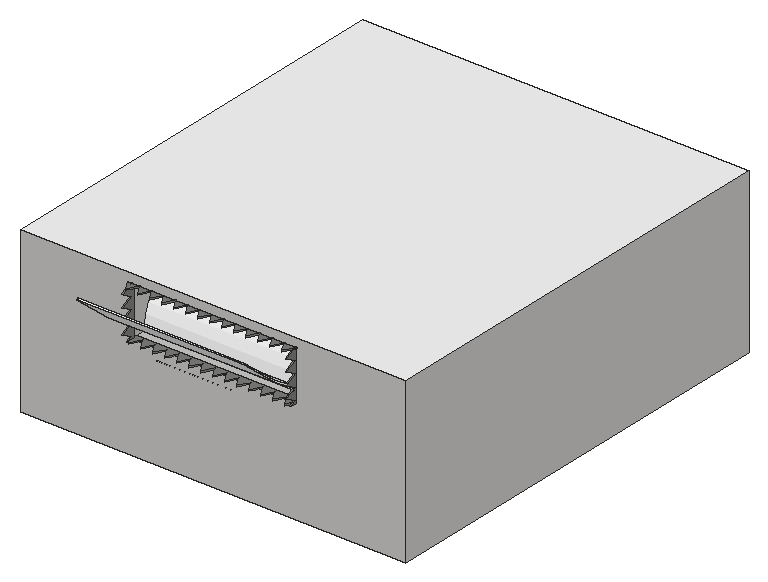
Revit family "Toilet_Roll_Holder-Jumbo-Bobrick-Fino-B-9890", category Specialty Equipment, host Face, Revit 2018
Family settings
  Host = Face
  Round Connector Dimension = Use Diameter
  Part Type = Normal
  OmniClass Number = 23.40.20.21.14
  OmniClass Title = Hand and Hair Dryers
  Cut with Voids When Loaded = No
  Shared = Yes
  Room Calculation Point = No
Parameters (values of type "B-9890")
  Width = 4 15/16"
  URL = "https://www.bobrick.com/"
  Type Comments = ""
  Price = "Prices may vary. Please consult Manufacturer Representative for most up-to-date price list."  # constant formula
  Outlet Height From Floor = 18"
  Model = "B-9890"
  Material = "Stainless_Steel-Bobrick-Type_304-Satin_Finish"
  Manufacturer = "Bobrick"
  Length = 11 11/16"
  Installation Type = "Wall Mounted"
  Height = 13"
  Finish = Stainless_Steel-Bobrick-Type_304-Satin_Finish
  Description = "Fino Collection Surface Mounted Single Jumbo Toilet Roll Holder"
  Default Elevation = 0"
  Creation Date = "05/19/2021"  # constant formula
  Assembly Code = "C1030200"
  ADA Compliant = yes
Reference planes (in)
  plane 1 "Center (Front/Back)": y = 0
  plane 2: z = 0
  plane 3 "Center (Left/Right)": x = 0
  plane 4: z = 4.99609
  plane 5: z = -0.25
  plane 6: x = -5.84375
  plane 7: x = 5.84375
  plane 8: y = 31
  plane 9: y = 18
  plane 10: y = 28
  plane 11: y = 20.25
  plane 12: x = -3.96875
  plane 13: x = 4.03125
  plane 14: z = 0.05859
  plane 15: y = 15.41838
Forms (in)
  Extrusion 1, solid, material "Stainless_Steel-Bobrick-Type_304-Satin_Finish" <- "Finish"
    sketch origin (0, 1.5, 0) x (1, 0, 0) y (0, 1, 0)
      loop
        circle (-3.96875, 26.5) r 0.1575
      loop
        circle (4.03125, 26.5) r 0.15625
      loop
        circle (-3.96875, 18.75) r 0.15625
      loop
        circle (4.03125, 18.75) r 0.15625
    from 0 to 0.05859
  Extrusion 2, solid, material "Stainless_Steel-Bobrick-Type_304-Satin_Finish" <- "Finish"
    sketch origin (-10.28321, 46.21854, 0) x (0, -1, 0) y (0, 0, -1)
      loop
        line (15.21854, -0.05859) -> (15.21854, -4.99609) -> (28.21854, -4.99609) -> (28.21854, -0.05859) -> (15.21854, -0.05859)
    from 4.43946 to 16.12696
  Extrusion 3, void
    sketch origin (23.96867, 13.4375, 0.25) x (1, 0, 0) y (0, 0, -1)
      loop
        line (-21.46867, -4.49609) -> (-21.46867, -2.9494) -> (-26.46867, -2.9494) -> (-26.46867, -4.49609) -> (-21.46867, -4.49609)
    from 1.98088 to 14.5625
  Extrusion 4, solid, material "Paper-Bobrick-White"
    sketch origin (17.84375, 46.21854, 0.4375) x (0, -1, 0) y (0, 0, -1)
      loop
        arc (27.72147, -2.84501) -> (24.72174, -2.81651) -> (27.72036, -2.90288) r 1.5
        arc (27.72036, -2.90288) -> (29.02936, -3.76235) -> (30.22569, -4.77277) r 13.01825
        line (30.22569, -4.77277) -> (30.26161, -4.73686)
        arc (30.26161, -4.73686) -> (29.04906, -3.7137) -> (27.72147, -2.84501) r 13.06904
    from -20.34375 to -15.34375
  Extrusion 5, solid, material "Stainless_Steel-Bobrick-Brushed"
    sketch origin (0, 1.5, 0) x (1, 0, 0) y (0, 1, 0)
      loop
        line (-2.57812, 16.5) -> (-2.39559, 16.18384) -> (-2.21306, 16.5) -> (-2.03053, 16.18384) -> (-1.848, 16.5) -> (-1.66546, 16.18384) -> (-1.48293, 16.5) -> (-1.3004, 16.18384) -> (-1.11787, 16.5) -> (-0.93533, 16.18384) -> (-0.7528, 16.5) -> (-0.57027, 16.18384) -> (-0.38774, 16.5) -> (-0.20521, 16.18384) -> (-0.02267, 16.5) -> (0.15986, 16.18384) -> (0.34239, 16.5) -> (0.52492, 16.18384) -> (0.70746, 16.5) -> (0.88999, 16.18384) -> (1.07252, 16.5) -> (1.25505, 16.18384) -> (1.43758, 16.5) -> (1.62012, 16.18384) -> (1.80265, 16.5) -> (1.98518, 16.18384) -> (2.16771, 16.5) -> (2.35025, 16.18384) -> (2.53278, 16.5) -> (2.53278, 16.58913) -> (-2.57812, 16.58913) -> (-2.57812, 16.5)
    from 4.7096 to 4.74609
  Extrusion 6, solid, material "Stainless_Steel-Bobrick-Brushed"
    sketch origin (0, 1.6056, -1.51019) x (1, 0, 0) y (0, 1, 0)
      loop
        line (-2.57812, 16.5) -> (-2.39559, 16.18384) -> (-2.21306, 16.5) -> (-2.03053, 16.18384) -> (-1.848, 16.5) -> (-1.66546, 16.18384) -> (-1.48293, 16.5) -> (-1.3004, 16.18384) -> (-1.11787, 16.5) -> (-0.93533, 16.18384) -> (-0.7528, 16.5) -> (-0.57027, 16.18384) -> (-0.38774, 16.5) -> (-0.20521, 16.18384) -> (-0.02267, 16.5) -> (0.15986, 16.18384) -> (0.34239, 16.5) -> (0.52492, 16.18384) -> (0.70746, 16.5) -> (0.88999, 16.18384) -> (1.07252, 16.5) -> (1.25505, 16.18384) -> (1.43758, 16.5) -> (1.62012, 16.18384) -> (1.80265, 16.5) -> (1.98518, 16.18384) -> (2.16771, 16.5) -> (2.35025, 16.18384) -> (2.53278, 16.5) -> (2.53278, 16.58913) -> (-2.57812, 16.58913) -> (-2.57812, 16.5)
    from 4.7096 to 4.74609
  Extrusion 7, solid, material "Stainless_Steel-Bobrick-Brushed"
    sketch origin (-2.24609, 1.5, 4.3568) x (0, 0, -1) y (0, 1, 0)
      loop
        line (-0.38774, 16.5) -> (-0.20521, 16.18384) -> (-0.02267, 16.5) -> (0.15986, 16.18384) -> (0.34239, 16.5) -> (0.52492, 16.18384) -> (0.70746, 16.5) -> (0.88999, 16.18384) -> (1.07252, 16.5) -> (1.1574, 16.35298) -> (1.1574, 16.58913) -> (-0.38774, 16.58913) -> (-0.38774, 16.5)
    from 4.7096 to 4.74609
  Extrusion 8, solid, material "Stainless_Steel-Bobrick-Brushed"
    sketch origin (2.24609, 1.5, 4.3568) x (0, 0, -1) y (0, -1, 0)
      loop
        line (-0.38774, -16.5) -> (-0.38774, -16.58913) -> (1.1574, -16.58913) -> (1.1574, -16.35298) -> (1.07252, -16.5) -> (0.88999, -16.18384) -> (0.70746, -16.5) -> (0.52492, -16.18384) -> (0.34239, -16.5) -> (0.15986, -16.18384) -> (-0.02267, -16.5) -> (-0.20521, -16.18384) -> (-0.38774, -16.5)
    from 4.7096 to 4.74609
  Extrusion 9, solid, material "Stainless_Steel-Bobrick-Type_304-Satin_Finish" <- "Finish"
    sketch origin (23.96867, 13.4375, 0) x (1, 0, 0) y (0, 0, -1)
      loop
        circle (-23.96867, -1.33984) r 0.25
      loop
        line (-23.94328, -1.5021) -> (-23.94328, -1.15676) -> (-23.99407, -1.15676) -> (-23.99407, -1.5021) -> (-23.94328, -1.5021)
    from 14.5625 to 17.5625
Cuts and joins
  Extrusion 3 cuts Extrusion 2
Lines and regions (in)
  Masking region 1
    outline origin (23.96867, 11.9375, 0) x (1, 0, 0) y (0, 0, -1)
      loop
        line (-29.81242, -4.99609) -> (-26.46867, -4.99609) -> (-26.46867, -5.21027) -> (-21.46867, -5.21027) -> (-21.46867, -4.99609) -> (-18.12492, -4.99609) -> (-18.12492, -0.05859) -> (-19.78117, -0.05859) -> (-19.78117, 0) -> (-20.09367, 0) -> (-20.09367, -0.05859) -> (-27.77992, -0.05859) -> (-27.77992, 0) -> (-28.09492, 0) -> (-28.09492, -0.05859) -> (-29.81242, -0.05859) -> (-29.81242, -4.99609)
  Split face 1
    outline origin (5.84375, 31, 4.9375) x (-1, 0, 0) y (0, -1, 0)
      loop
        line (5.96875, 8.27292) -> (5.96875, 11.45432)
        arc (5.96875, 11.45432) -> (5.84375, 11.57932) -> (5.71875, 11.45432) r 0.125
        line (5.71875, 11.45432) -> (5.71875, 8.27292)
        arc (5.71875, 8.27292) -> (5.84375, 8.14792) -> (5.96875, 8.27292) r 0.125
  Split face 2
    outline origin (5.84375, 29.5, 5.3125) x (0, -1, 0) y (0, 0, -1)
      loop
        arc (6.77344, 3.06445) -> (6.64844, 2.93945) -> (6.77344, 2.81445) r 0.125
        line (6.77344, 2.81445) -> (9.95127, 2.81445)
        arc (9.95127, 2.81445) -> (10.07627, 2.93945) -> (9.95127, 3.06445) r 0.125
        line (9.95127, 3.06445) -> (6.77344, 3.06445)
  symbolic lines, detail levels medium+fine
    curve 1: line (-5.84375, 11.9375, 4.99609) -> (5.84375, 11.9375, 4.99609)
    curve 2: line (5.84375, 11.9375, 0.05859) -> (-5.84375, 11.9375, 0.05859)
  symbolic lines, detail levels fine
    curve 3: circle (0, 11.9375, 1.33984) r 0.25 normal (0, 1, 0)
    curve 4: line (0.02539, 11.9375, 1.15676) -> (0.02539, 11.9375, 1.5021)
    curve 5: line (0.02539, 11.9375, 1.5021) -> (-0.02539, 11.9375, 1.5021)
    curve 6: line (-0.02539, 11.9375, 1.5021) -> (-0.02539, 11.9375, 1.15676)
    curve 7: line (-0.02539, 11.9375, 1.15676) -> (0.02539, 11.9375, 1.15676)
Dimensions and locks (in)
  host face to plane 4 = 4 255/256"
  "Height": plane 8 to plane 9
  "Length": plane 6 to plane 7
  equal spacing: plane 6, plane 3 "Center (Left/Right)", plane 7
  plane 11 to plane 10 = 7 3/4"
  plane 8 to plane 1 "Center (Front/Back)" = 31"
  plane 8 to plane 10 = 3"
  plane 4 to host face = 4 255/256"
  "Width": plane 4 to plane 14
  plane 14 to host face = 15/256"
  plane 6 to plane 12 = 1 7/8"
  plane 12 to plane 13 = 8"
  "Outlet Height From Floor": plane 9 to plane 1 "Center (Front/Back)"
  aligned and locked: plane 2 to host face
  aligned and locked: level to host face
  aligned and locked: plane 10 to Extrusion 1 sketch curve  (x2)
  aligned and locked: plane 12 to Extrusion 1 sketch curve  (x2)
  aligned and locked: plane 11 to Extrusion 1 sketch curve  (x2)
  aligned and locked: plane 13 to Extrusion 1 sketch curve  (x2)
  aligned and locked: Extrusion 1 to host face
  aligned and locked: plane 8 to Extrusion 2 sketch curve
  aligned and locked: plane 4 to Extrusion 2 sketch curve
  aligned and locked: plane 14 to Extrusion 2 sketch curve
  aligned and locked: plane 7 to Extrusion 2
  aligned and locked: Extrusion 2 to plane 6
  aligned and locked: plane 10 to Extrusion 3
  aligned and locked: Extrusion 3 to plane 15
  aligned and locked: Extrusion 2 sketch curve to plane 9
  aligned and locked: cut or joined group of Extrusion 2, Extrusion 3 to Extrusion 4
  aligned and locked: Extrusion 4 to cut or joined group of Extrusion 2, Extrusion 3
  aligned and locked: Extrusion 5 to cut or joined group of Extrusion 2, Extrusion 3
  aligned and locked: Extrusion 6 to cut or joined group of Extrusion 2, Extrusion 3
  aligned and locked: Extrusion 8 to cut or joined group of Extrusion 2, Extrusion 3
  aligned and locked: Masking region 1 sketch curve to Extrusion 4  (x2)
  aligned and locked: Extrusion 4 to Masking region 1 sketch curve
  aligned and locked: Extrusion 9 to plane 10
  aligned and locked: plane 8 to Extrusion 9
  aligned and locked: curve 3 to Extrusion 9
  aligned and locked: curve 4 to Extrusion 9
  aligned and locked: curve 5 to Extrusion 9
  aligned and locked: curve 6 to Extrusion 9
  aligned and locked: curve 7 to Extrusion 9
Automatic sketch dimensions
  host sketch curve to host sketch curve = 96"  (x2)
  Extrusion 3 sketch curve to plane 4 = 1/4"
  plane 12 to Extrusion 3 sketch curve = 1 15/32"
  Extrusion 3 sketch curve to plane 13 = 1 17/32"
  Extrusion 3 sketch curve to Extrusion 3 sketch curve = 1.54669"
  Split face 1 sketch curve to cut or joined group of Extrusion 2, Extrusion 3 = 5 23/32"
  Split face 1 sketch curve to Split face 1 sketch curve = 1/8"
  Split face 1 sketch curve to cut or joined group of Extrusion 2, Extrusion 3 = 4.72708"
  Split face 1 sketch curve to cut or joined group of Extrusion 2, Extrusion 3 = 1.54568"
  Split face 2 sketch curve to cut or joined group of Extrusion 2, Extrusion 3 = 2.18945"
  Split face 2 sketch curve to cut or joined group of Extrusion 2, Extrusion 3 = 4 93/128"
  Split face 2 sketch curve to cut or joined group of Extrusion 2, Extrusion 3 = 1.54873"
  Split face 2 sketch curve to Split face 2 sketch curve = 1/8"
  Extrusion 4 sketch curve to Extrusion 4 sketch curve = 0"  (x2)
  Extrusion 4 sketch curve to plane 10 = 3.02416"
  plane 11 to Extrusion 4 sketch curve = 0.25293"
  plane 4 to Extrusion 4 sketch curve = 0.21418"
  plane 15 to Extrusion 4 sketch curve = 0.57447"
  plane 4 to Extrusion 4 sketch curve = 0.17826"
  Extrusion 4 sketch curve to Extrusion 4 sketch curve = 0.03592"
  plane 4 to Extrusion 4 sketch curve = 9.63654"
  Extrusion 4 sketch curve to plane 4 = 1.71336"
  plane 9 to Extrusion 4 sketch curve = 0.49707"
  Extrusion 5 sketch curve to plane 9 = 0"  (x15)
  plane 12 to Extrusion 5 sketch curve = 1 25/64"
  Extrusion 5 sketch curve to plane 9 = 0.31616"  (x14)
  Extrusion 5 sketch curve to Extrusion 5 sketch curve = 0.18253"  (x2)
  Extrusion 5 sketch curve to Extrusion 5 sketch curve = 0.36506"  (x22)
  Extrusion 5 sketch curve to plane 3 "Center (Left/Right)" = 0.20521"
  Extrusion 5 sketch curve to plane 3 "Center (Left/Right)" = 0.02267"
  plane 3 "Center (Left/Right)" to Extrusion 5 sketch curve = 0.15986"
  plane 3 "Center (Left/Right)" to Extrusion 5 sketch curve = 0.34239"
  plane 9 to Extrusion 5 sketch curve = 0.08913"
  plane 9 to Extrusion 6 sketch curve = 0.1056"  (x15)
  plane 12 to Extrusion 6 sketch curve = 1 25/64"
  Extrusion 6 sketch curve to plane 9 = 0.21055"  (x14)
  Extrusion 6 sketch curve to Extrusion 6 sketch curve = 0.18253"  (x2)
  Extrusion 6 sketch curve to Extrusion 6 sketch curve = 0.36506"  (x22)
  Extrusion 6 sketch curve to plane 3 "Center (Left/Right)" = 0.20521"
  Extrusion 6 sketch curve to plane 3 "Center (Left/Right)" = 0.02267"
  plane 3 "Center (Left/Right)" to Extrusion 6 sketch curve = 0.15986"
  plane 3 "Center (Left/Right)" to Extrusion 6 sketch curve = 0.34239"
  Extrusion 6 sketch curve to Extrusion 6 sketch curve = 0.08913"
  Extrusion 7 sketch curve to plane 9 = 0"  (x5)
  Extrusion 7 sketch curve to plane 4 = 0.25155"
  Extrusion 7 sketch curve to Extrusion 7 sketch curve = 0.18253"  (x2)
  Extrusion 7 sketch curve to Extrusion 7 sketch curve = 0.36506"  (x6)
  Extrusion 7 sketch curve to plane 9 = 0.31616"  (x4)
  Extrusion 7 sketch curve to plane 9 = 0.14702"
  Extrusion 7 sketch curve to Extrusion 7 sketch curve = 0.08488"
  plane 9 to Extrusion 7 sketch curve = 0.08913"
  Extrusion 8 sketch curve to plane 9 = 0"  (x5)
  Extrusion 8 sketch curve to plane 4 = 0.25155"
  Extrusion 8 sketch curve to Extrusion 8 sketch curve = 0.18253"  (x4)
  Extrusion 8 sketch curve to plane 9 = 0.31616"  (x4)
  Extrusion 8 sketch curve to Extrusion 8 sketch curve = 0.36506"  (x4)
  Extrusion 8 sketch curve to plane 9 = 0.14702"
  Extrusion 8 sketch curve to Extrusion 8 sketch curve = 0.08488"
  Extrusion 8 sketch curve to Extrusion 8 sketch curve = 0.08913"
  Masking region 1 sketch curve to plane 4 = 0"  (x2)
  Masking region 1 sketch curve to plane 6 = 0"
  Masking region 1 sketch curve to plane 14 = 0"  (x3)
  Masking region 1 sketch curve to level = 0"  (x2)
  Masking region 1 sketch curve to plane 7 = 0"
  Masking region 1 sketch curve to plane 12 = 0.1575"
  plane 12 to Masking region 1 sketch curve = 0.1575"
  Masking region 1 sketch curve to plane 13 = 5/32"
  plane 13 to Masking region 1 sketch curve = 5/32"
  Extrusion 9 sketch curve to plane 3 "Center (Left/Right)" = 0"
  Extrusion 9 sketch curve to plane 3 "Center (Left/Right)" = 0.02539"
  Extrusion 9 sketch curve to Extrusion 9 sketch curve = 13/256"
  plane 14 to Extrusion 9 sketch curve = 1.44351"
  Extrusion 9 sketch curve to Extrusion 9 sketch curve = 0.16226"
  Extrusion 9 sketch curve to Extrusion 9 sketch curve = 0.18308"
  curve 2 to plane 6 = 0"
  curve 1 to plane 4 = 0"
  curve 1 to plane 6 = 0"
  curve 1 to plane 7 = 0"
  curve 2 to plane 7 = 0"
  curve 2 to plane 14 = 0"
  radius of Extrusion 1 sketch curve = 0.1575"
  radius of Extrusion 1 sketch curve = 5/32"  (x3)
  radius of Extrusion 9 sketch curve = 1/4"
